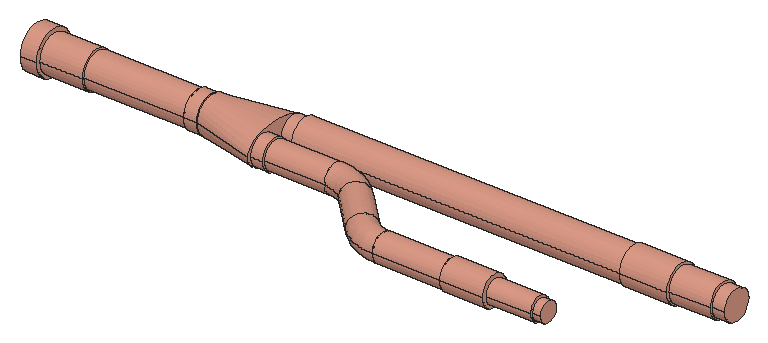
Revit family "outputfile", category 配管付属品, Revit 2024
Family settings
  丸型コネクタ寸法 = 半径を使用
  パーツ タイプ = 標準
  OmniClass 番号 = 23.65.55.00
  OmniClass タイトル = Distribution of Supplied Liquids/Gases
  作業面ベース = いいえ
  常に垂直 = はい
  ロード時にボイドで切り取り = いいえ
  共有 = いいえ
Parameters (values of type "KHRP26A73T + KHRP26M73TP")
  Description = ""
  製造元 = "Daikin"
  書き出し IFC クラス(タイプ) = "IfcPipeFittingType"
  定義済み IFC タイプ(タイプ) = "JUNCTION"
  Cost = 0
  Type Comments = ""
  Keynote = ""
  Type Image = (empty or 0)
  Assembly Code = ""
  mm⇔inch [instance] = yes
  l_dividePipe1 [instance] = size_lookup(table_StraightPipe, "l_dividePipe1", 10.0 mm, モデル)  # 12.0 mm
  Default Elevation = 0.0 mm
  モデル = "KHRP26A73T + KHRP26M73TP"
  table_StraightPipe [instance] = if(mm⇔inch, "Refnet Joint_KHRP26A-T_Gas_StraightPipe", "Refnet Joint_KHRP26A-T_Gas_StraightPipe_inch")  # "Refnet Joint_KHRP26A-T_Gas_StraightPipe"
  table_BranchPipe [instance] = if(mm⇔inch, "Refnet Joint_KHRP26A-T_Gas_BranchPipe", "Refnet Joint_KHRP26A-T_Gas_BranchPipe_inch")  # "Refnet Joint_KHRP26A-T_Gas_BranchPipe"
  table_Inlet [instance] = if(mm⇔inch, "Refnet Joint_KHRP26A-T_Gas_Inlet", "Refnet Joint_KHRP26A-T_Gas_Inlet_inch")  # "Refnet Joint_KHRP26A-T_Gas_Inlet"
  switch_StraightPipe_Reducer [instance] = if(Is_StraightPipe Reducer = 1, 1 = 1, 1 = 0)  # no
  switch_StraightPipe3 [instance] = if(number_StraightPipe = 3, 1 = 1, 1 = 0)  # yes
  switch_StraightPipe2 [instance] = if(number_StraightPipe < 2, 1 = 0, 1 = 1)  # yes
  switch_BranchPipe_Reducer [instance] = if(Is_BranchPipe Reducer = 1, 1 = 1, 1 = 0)  # no
  switch_BranchPipe3 [instance] = if(number_BranchPipe = 3, 1 = 1, 1 = 0)  # yes
  switch_BranchPipe2 [instance] = if(number_BranchPipe < 2, 1 = 0, 1 = 1)  # yes
  switch_Inlet pipe_Reducer [instance] = if(Is_Inlet Reducer = 1, 1 = 1, 1 = 0)  # no
  switch_Inlet pipe3 [instance] = if(number_InletPipe = 3, 1 = 1, 1 = 0)  # no
  switch_Inlet pipe2 [instance] = if(number_InletPipe < 2, 1 = 0, 1 = 1)  # yes
  Uniclass2015Version = "Products v1.31"
  Uniclass2015Title = "Copper pipe fittings"
  Uniclass2015Code = "Pr_65_52_63_18"
  URL = ""
  StraightPipe_Gas_ActualDiameter [instance] = 25.4 mm
  Material_Piping = DAIKIN_Copper_Pipe
  Material_Insulation = DAIKIN_White_Insulation
  lw_Insulation [instance] = size_lookup(table_Inlet, "lw_Insulation", 59.8 mm, モデル)  # 60.5 mm
  Unit Type = "KHRP26A-T_Gas"
  Tag No. [instance] = ""
  StraightPipe_Gas_Status [instance] = size_lookup(table_StraightPipe, "Information", "The connected pipe size is not available.", モデル, StraightPipe_Gas_ActualDiameter)  # "Default connector size is used."
  Link_Nested Family [instance] = ""
  Inlet_Gas_Actual Diameter [instance] = 38.1 mm
  IfcVersion = ""
  IfcExportType = "JUNCTION"
  IfcExportAs = "IfcPipeFittingType"
  BranchPipe_Gas_Status [instance] = size_lookup(table_BranchPipe, "Information", "The connected pipe size is not available.", モデル, BranchPipe_Gas_ActualDiameter)  # "Default connector size is used."
  Inlet_Gas_Status [instance] = size_lookup(table_Inlet, "Information", "The connected pipe size is not available.", モデル, Inlet_Gas_Actual Diameter)  # "Default connector size is used."
  Series = "Refnet Joint"
  O.R_dividePipe_Inlet [instance] = (I.D_InletPipe1 + 2.0 mm) / 2  # 16.9 mm
  r_StraightPipe_Connector [instance] = StraightPipe_Gas_ActualDiameter / 2  # 12.7 mm
  r_BranchPipe_Connector [instance] = BranchPipe_Gas_ActualDiameter / 2  # 7.95 mm
  r_Inlet_Connector [instance] = Inlet_Gas_Actual Diameter / 2  # 19.05 mm
  number_StraightPipe [instance] = size_lookup(table_StraightPipe, "pipeNumber", 2, モデル, StraightPipe_Gas_ActualDiameter)  # 3
  number_BranchPipe [instance] = size_lookup(table_BranchPipe, "pipeNumber", 2, モデル, BranchPipe_Gas_ActualDiameter)  # 3
  number_InletPipe [instance] = size_lookup(table_Inlet, "pipeNumber", 3, モデル, Inlet_Gas_Actual Diameter)  # 2
  r_BranchPipeR [instance] = size_lookup(table_BranchPipe, "r_offsetPipeR", 25.0 mm, モデル, BranchPipe_Gas_ActualDiameter)  # 40.0 mm
  l_BranchPipe_Straight2 [instance] = size_lookup(table_BranchPipe, "L_offsetPipe2", 43.0 mm, モデル)  # 63.0 mm
  l_BranchPipe_Straight1 [instance] = size_lookup(table_BranchPipe, "L_offsetPipe1", 5.0 mm, モデル)  # 56.0 mm
  l_BranchPipe connector [instance] = size_lookup(table_BranchPipe, "Length", 170.0 mm, モデル, BranchPipe_Gas_ActualDiameter)  # 312.0 mm
  l_inlet connector [instance] = size_lookup(table_Inlet, "Length", 130.0 mm, モデル, Inlet_Gas_Actual Diameter)  # 161.0 mm
  l_dividePipe [instance] = size_lookup(table_Inlet, "L_devidePipe", 38.0 mm, モデル)  # 61.0 mm
  l_StraightPipeReducer [instance] = size_lookup(table_StraightPipe, "L_Reducer", 80.0 mm, モデル, StraightPipe_Gas_ActualDiameter)  # 120.0 mm
  l_StraightPipe3 [instance] = size_lookup(table_StraightPipe, "L_Pipe3", 2.0 mm, モデル)  # 12.0 mm
  l_StraightPipe2 [instance] = size_lookup(table_StraightPipe, "L_Pipe2", 8.0 mm, モデル)  # 39.0 mm
  l_StraightPipe1 [instance] = size_lookup(table_StraightPipe, "L_Pipe1", 42.0 mm, モデル)  # 44.0 mm
  l_StraightPipe0 [instance] = size_lookup(table_StraightPipe, "L_Pipe0", 152.0 mm, モデル)  # 305.0 mm
  l_StraightPipe connector [instance] = size_lookup(table_StraightPipe, "Length", 212.0 mm, モデル, StraightPipe_Gas_ActualDiameter)  # 412.0 mm
  l_BranchPipe Reducer [instance] = size_lookup(table_BranchPipe, "L_Reducer", 80.0 mm, モデル, BranchPipe_Gas_ActualDiameter)  # 100.0 mm
  l_BranchPipe3 [instance] = size_lookup(table_BranchPipe, "L_Pipe3", 2.0 mm, モデル)  # 8.0 mm
  l_BranchPipe2 [instance] = size_lookup(table_BranchPipe, "L_Pipe2", 8.0 mm, モデル)  # 42.0 mm
  l_BranchPipe1 [instance] = size_lookup(table_BranchPipe, "L_Pipe1", 42.0 mm, モデル)  # 40.0 mm
  l_BranchPipe0 [instance] = size_lookup(table_BranchPipe, "L_Pipe0", 110.0 mm, モデル)  # 210.0 mm
  l_InletReducer [instance] = size_lookup(table_Inlet, "L_Reducer", 100.0 mm, モデル, Inlet_Gas_Actual Diameter)  # 120.0 mm
  l_InletPipe3 [instance] = size_lookup(table_Inlet, "L_Pipe3", 8.0 mm, モデル)  # 2.0 mm
  l_InletPipe2 [instance] = size_lookup(table_Inlet, "L_Pipe2", 42.0 mm, モデル)  # 15.0 mm
  l_InletPipe1 [instance] = size_lookup(table_Inlet, "L_Pipe1", 40.0 mm, モデル)  # 40.0 mm
  l_InletPipe0 [instance] = size_lookup(table_Inlet, "L_Pipe0", 28.0 mm, モデル)  # 94.0 mm
  center_StraightPipe [instance] = size_lookup(table_StraightPipe, "center_Pipe", 11.5 mm, モデル)  # 17.5 mm
  center_BranchPipe2 [instance] = size_lookup(table_BranchPipe, "center_OffsetPipe", 68.5 mm, モデル)  # 75.5 mm
  center_BranchPipe1 [instance] = size_lookup(table_BranchPipe, "center_Pipe", 11.5 mm, モデル)  # 17.5 mm
  StraightPipe_Gas_AvailableDiameter [instance] = size_lookup(table_StraightPipe, "sizeVariation", "", モデル)  # "25.4/28.6/31.8/34.9/38.1mm"
  BranchPipe_Gas_AvailableDiameter [instance] = size_lookup(table_BranchPipe, "sizeVariation", "", モデル)  # "12.7/15.9/19.1/22.2/25.4/28.6mm"
  Inlet_Gas_Available Diameter [instance] = size_lookup(table_Inlet, "sizeVariation", "", モデル)  # "31.8/34.9/38.1/41.3mm"
  O.D_StraightPipe Reducer [instance] = size_lookup(table_StraightPipe, "O.D_reducer", 2.0 mm, モデル, StraightPipe_Gas_ActualDiameter)  # 2.0 mm
  O.D_Offset Outlet Reducer [instance] = size_lookup(table_BranchPipe, "O.D_reducer", 2.0 mm, モデル, BranchPipe_Gas_ActualDiameter)  # 2.0 mm
  O.D_Inlet Reducer [instance] = size_lookup(table_Inlet, "O.D_reducer", 2.0 mm, モデル, Inlet_Gas_Actual Diameter)  # 2.0 mm
  Is_StraightPipe Reducer [instance] = size_lookup(table_StraightPipe, "IsReducer", 0, モデル, StraightPipe_Gas_ActualDiameter)  # 0
  Is_BranchPipe Reducer [instance] = size_lookup(table_BranchPipe, "IsReducer", 0, モデル, BranchPipe_Gas_ActualDiameter)  # 0
  Is_Inlet Reducer [instance] = size_lookup(table_Inlet, "IsReducer", 0, モデル, Inlet_Gas_Actual Diameter)  # 0
  BranchPipe_Gas_ActualDiameter [instance] = 15.9 mm
  Attach_Insulation [instance] = no
  I.D_StraightPipe3 [instance] = size_lookup(table_StraightPipe, "I.D_PipeSize3", 2.0 mm, モデル)  # 25.4 mm
  I.D_StraightPipe2 [instance] = size_lookup(table_StraightPipe, "I.D_PipeSize2", 12.7 mm, モデル)  # 28.6 mm
  I.D_StraightPipe1 [instance] = size_lookup(table_StraightPipe, "I.D_PipeSize1", 15.9 mm, モデル)  # 31.8 mm
  I.D_StraightPipe0 [instance] = size_lookup(table_StraightPipe, "I.D_PipeSize0", 13.9 mm, モデル)  # 29.8 mm
  I.D_BranchPipe3 [instance] = size_lookup(table_BranchPipe, "I.D_PipeSize3", 2.0 mm, モデル)  # 15.9 mm
  I.D_BranchPipe2 [instance] = size_lookup(table_BranchPipe, "I.D_PipeSize2", 12.7 mm, モデル)  # 19.1 mm
  I.D_BranchPipe1 [instance] = size_lookup(table_BranchPipe, "I.D_PipeSize1", 15.9 mm, モデル)  # 25.4 mm
  I.D_BranchPipe0 [instance] = size_lookup(table_BranchPipe, "I.D_PipeSize0", 13.9 mm, モデル)  # 23.4 mm
  I.D_Straight Reducer [instance] = size_lookup(table_StraightPipe, "I.D_reducer", 2.0 mm, モデル, StraightPipe_Gas_ActualDiameter)  # 2.0 mm
  I.D_OutletPipe [instance] = size_lookup(table_Inlet, "I.D_OutletPipeSize", 16.0 mm, モデル, Inlet_Gas_Actual Diameter)  # 25.5 mm
  I.D_Branch Reducer [instance] = size_lookup(table_BranchPipe, "I.D_reducer", 2.0 mm, モデル, BranchPipe_Gas_ActualDiameter)  # 2.0 mm
  I.D_Inlet Reducer [instance] = size_lookup(table_Inlet, "I.D_reducer", 2.0 mm, モデル, Inlet_Gas_Actual Diameter)  # 2.0 mm
  I.D_InletPipe3 [instance] = size_lookup(table_Inlet, "I.D_PipeSize3", 12.7 mm, モデル)  # 2.0 mm
  I.D_InletPipe2 [instance] = size_lookup(table_Inlet, "I.D_PipeSize2", 15.9 mm, モデル)  # 38.1 mm
  I.D_InletPipe1 [instance] = size_lookup(table_Inlet, "I.D_PipeSize1", 19.1 mm, モデル)  # 31.8 mm
  I.D_InletPipe0 [instance] = size_lookup(table_Inlet, "I.D_PipeSize0", 17.1 mm, モデル)  # 29.8 mm
Reference planes
  plane 1 "Center (Front/Back)": y = 0
  plane 2: z = 0
  plane 3 "base_left": x = 0
  plane 4: x = 2
  plane 5: x = 17
  plane 6: x = 57
  plane 7: x = 151
  plane 8: x = 163
  plane 9: x = 224
  plane 10: x = 236
  plane 11 "center_straight outlet": y = 17.5
  plane 12 "center2_offset outlet": y = -75.5
  plane 13 "center1_offset outlet": y = -17.5
  plane 14: x = 541
  plane 15: x = 585
  plane 16: x = 624
  plane 17: x = 446
  plane 18: x = 486
  plane 19: x = 528
  plane 20: x = 636
  plane 21: x = 536
  plane 22 "Reducer_straightoutlet": x = 536
  plane 23: x = 636
  plane 24: y = -34.4
  plane 25: z = 16.9
  plane 26 "Inlet_connector": x = 2
  plane 27 "Left_Insulation": x = 102.5
Forms (mm)
  SweptBlend 1, solid, material "DAIKIN_Copper_Pipe" <- "Material_Piping"
    path origin (0, 0, 0) x (1, 0, 0) y (0, 1, 0)
      loop
        line (163, 0) -> (224, 0)
    profile origin (163, 0, 0) x (0, 1, 0) y (0, 0, 1)
      loop
        circle (0, 0) r 16.9
    end profile origin (224, 0, 0) x (0, 1, 0) y (0, 0, 1)
      loop
        spline (-34.4, 0) -> (-33.228, -4.374) -> (-29.791, -8.45) -> (-24.324, -11.95) -> (-17.2, -14.636) -> (-8.903, -16.324) -> (0, -16.9) -> (8.903, -16.324) -> (17.2, -14.636) -> (24.324, -11.95) -> (29.791, -8.45) -> (33.228, -4.374) -> (34.4, 0)
        spline (34.4, 0) -> (33.228, 4.374) -> (29.791, 8.45) -> (24.324, 11.95) -> (17.2, 14.636) -> (8.903, 16.324) -> (0, 16.9) -> (-8.903, 16.324) -> (-17.2, 14.636) -> (-24.324, 11.95) -> (-29.791, 8.45) -> (-33.228, 4.374) -> (-34.4, 0)
Dimensions and locks
  "l_InletPipe3": plane 3 "base_left" to plane 4
  "l_InletPipe2": plane 4 to plane 5
  "l_InletPipe1": plane 5 to plane 6
  "l_InletPipe0": plane 6 to plane 7
  locked: plane 7 to plane 8 at 12
  "center_StraightPipe": plane 1 "Center (Front/Back)" to plane 11 "center_straight outlet"
  "center_BranchPipe2": plane 12 "center2_offset outlet" to plane 1 "Center (Front/Back)"
  "center_BranchPipe1": plane 13 "center1_offset outlet" to plane 1 "Center (Front/Back)"
  "l_dividePipe": plane 8 to plane 9
  "l_dividePipe1": plane 9 to plane 10
  "l_StraightPipe0": plane 10 to plane 14
  "l_BranchPipe0": plane 10 to plane 17
  "l_BranchPipe1": plane 17 to plane 18
  "l_BranchPipe2": plane 18 to plane 19
  "l_StraightPipe1": plane 14 to plane 15
  "l_StraightPipe2": plane 15 to plane 16
  "l_StraightPipe3": plane 16 to plane 20
  "l_BranchPipe3": plane 19 to plane 21
  "l_BranchPipe connector": plane 9 to plane 22 "Reducer_straightoutlet"
  "l_StraightPipe connector": plane 9 to plane 23
  "O.R_dividePipe_Inlet": plane 24 to plane 13 "center1_offset outlet"
  "O.R_dividePipe_Inlet": plane 25 to plane 2
  "l_inlet connector": plane 26 "Inlet_connector" to plane 8
  "lw_Insulation": plane 27 "Left_Insulation" to plane 8
  "O.R_dividePipe_Inlet": radius of SweptBlend 1 sketch curve
  aligned and locked: level to plane 2
  aligned and locked: plane 2 to nested 1
  aligned and locked: plane 3 "base_left" to nested 1
  aligned and locked: plane 1 "Center (Front/Back)" to nested 1
  aligned and locked: plane 4 to nested 2
  aligned and locked: plane 1 "Center (Front/Back)" to nested 2
  aligned and locked: plane 5 to nested 2
  aligned and locked: plane 5 to nested 3
  aligned and locked: plane 6 to nested 3
  aligned and locked: plane 6 to nested 4
  aligned and locked: nested 4 to plane 7
  aligned and locked: nested 5 to plane 7
  aligned and locked: nested 5 to plane 8
  aligned and locked: plane 8 to SweptBlend 1 sketch curve
  aligned and locked: plane 9 to SweptBlend 1 sketch curve
  aligned and locked: plane 2 to SweptBlend 1 sketch curve  (x2)
  aligned and locked: plane 1 "Center (Front/Back)" to SweptBlend 1 sketch curve  (x2)
  aligned and locked: nested 6 to plane 9
  aligned and locked: nested 7 to plane 9
  aligned and locked: nested 6 to plane 11 "center_straight outlet"
  aligned and locked: nested 7 to plane 13 "center1_offset outlet"
  aligned and locked: nested 7 to plane 10
  aligned and locked: nested 6 to plane 10
  aligned and locked: nested 8 to plane 10
  aligned and locked: plane 14 to nested 8
  aligned and locked: nested 8 to plane 11 "center_straight outlet"
  aligned and locked: plane 14 to nested 9
  aligned and locked: plane 11 "center_straight outlet" to nested 9
  aligned and locked: plane 15 to nested 9
  aligned and locked: plane 11 "center_straight outlet" to nested 10
  aligned and locked: plane 15 to nested 10
  aligned and locked: plane 16 to nested 10
  aligned and locked: nested 11 to plane 12 "center2_offset outlet"
  aligned and locked: plane 17 to nested 11
  aligned and locked: plane 18 to nested 11
  aligned and locked: nested 12 to plane 12 "center2_offset outlet"
  aligned and locked: plane 18 to nested 12
  aligned and locked: plane 19 to nested 12
  aligned and locked: nested 13 to plane 10
  aligned and locked: nested 13 to plane 13 "center1_offset outlet"
  aligned and locked: nested 13 to plane 12 "center2_offset outlet"
  aligned and locked: plane 8 to nested 14
  aligned and locked: plane 1 "Center (Front/Back)" to nested 14
  aligned and locked: nested 15 to plane 11 "center_straight outlet"
  aligned and locked: nested 15 to plane 9
  aligned and locked: nested 16 to plane 9
  aligned and locked: nested 16 to plane 12 "center2_offset outlet"
  aligned and locked: nested 17 to plane 1 "Center (Front/Back)"
  aligned and locked: plane 16 to nested 18
  aligned and locked: plane 20 to nested 18
  aligned and locked: plane 19 to nested 19
  aligned and locked: plane 21 to nested 19
  aligned and locked: nested 20 to plane 12 "center2_offset outlet"
  aligned and locked: plane 23 to nested 21
  aligned and locked: plane 11 "center_straight outlet" to nested 21
  aligned and locked: plane 4 to nested 1
  aligned and locked: plane 24 to SweptBlend 1 sketch curve
  aligned and locked: plane 25 to SweptBlend 1 sketch curve
  aligned and locked: plane 12 "center2_offset outlet" to nested 19
  aligned and locked: plane 11 "center_straight outlet" to nested 18
  aligned and locked: nested 17 to plane 26 "Inlet_connector"
  aligned and locked: plane 22 "Reducer_straightoutlet" to nested 20
  aligned and locked: nested 22 to plane 27 "Left_Insulation"
  aligned and locked: plane 1 "Center (Front/Back)" to nested 22
Automatic sketch dimensions
  plane 1 "Center (Front/Back)" to SweptBlend 1 sketch curve = 0.0 mm
Nested families
  nested 1: "daikin_Pipe" at (1, 0, 0), I.D_Pipe <- "I.D_InletPipe3", display <- "switch_Inlet pipe3", type "*"
    with length_Pipe 2.0 mm, display no, O.D_Pipe 4.0 mm, I.D_Pipe 2.0 mm
  nested 2: "daikin_Pipe" at (9.5, 0, 0), I.D_Pipe <- "I.D_InletPipe2", display <- "switch_Inlet pipe2", type "*"
    with length_Pipe 15.0 mm, display yes, O.D_Pipe 40.1 mm, I.D_Pipe 38.1 mm
  nested 3: "daikin_Pipe" at (37, 0, 0), I.D_Pipe <- "I.D_InletPipe1", type "*"
    with length_Pipe 40.0 mm, display yes, O.D_Pipe 33.8 mm, I.D_Pipe 31.8 mm
  nested 4: "daikin_Pipe" at (104, 0, 0), I.D_Pipe <- "I.D_InletPipe0", type "*"
    with length_Pipe 94.0 mm, display yes, O.D_Pipe 31.8 mm, I.D_Pipe 29.8 mm
  nested 5: "daikin_Pipe" at (157, 0, 0), I.D_Pipe <- "I.D_InletPipe1", type "*"
    with length_Pipe 12.0 mm, display yes, O.D_Pipe 33.8 mm, I.D_Pipe 31.8 mm
  nested 6: "daikin_Pipe" at (230, 17.5, 0), I.D_Pipe <- "I.D_OutletPipe", type "*"
    with length_Pipe 12.0 mm, display yes, O.D_Pipe 27.5 mm, I.D_Pipe 25.5 mm
  nested 7: "daikin_Pipe" at (230, -17.5, 0), I.D_Pipe <- "I.D_OutletPipe", type "*"
    with length_Pipe 12.0 mm, display yes, O.D_Pipe 27.5 mm, I.D_Pipe 25.5 mm
  nested 8: "daikin_Pipe" at (388.5, 17.5, 0), I.D_Pipe <- "I.D_StraightPipe0", type "*"
    with length_Pipe 305.0 mm, display yes, O.D_Pipe 31.8 mm, I.D_Pipe 29.8 mm
  nested 9: "daikin_Pipe" at (563, 17.5, 0), I.D_Pipe <- "I.D_StraightPipe1", type "*"
    with length_Pipe 44.0 mm, display yes, O.D_Pipe 33.8 mm, I.D_Pipe 31.8 mm
  nested 10: "daikin_Pipe" at (604.5, 17.5, 0), I.D_Pipe <- "I.D_StraightPipe2", display <- "switch_StraightPipe2", type "*"
    with length_Pipe 39.0 mm, display yes, O.D_Pipe 30.6 mm, I.D_Pipe 28.6 mm
  nested 11: "daikin_Pipe" at (466, -75.5, 0), I.D_Pipe <- "I.D_BranchPipe1", type "*"
    with length_Pipe 40.0 mm, display yes, O.D_Pipe 27.4 mm, I.D_Pipe 25.4 mm
  nested 12: "daikin_Pipe" at (507, -75.5, 0), I.D_Pipe <- "I.D_BranchPipe2", display <- "switch_BranchPipe2", type "*"
    with length_Pipe 42.0 mm, display yes, O.D_Pipe 21.1 mm, I.D_Pipe 19.1 mm
  nested 13: "daikin_Pipe Ofsset" at (236, -17.5, 0), I.D_Pipe size <- "I.D_BranchPipe0", length_straight pipe1 <- "l_BranchPipe_Straight1", length_straight pipe2 <- "l_BranchPipe_Straight2", r_Pipe R <- "r_BranchPipeR", length_Pipe <- "l_BranchPipe0", type "*"
    with r_Pipe R 40.0 mm, length_straight pipe2 63.0 mm, length_straight pipe1 56.0 mm, length_offset center 58.0 mm, length_Pipe 210.0 mm, O.D_Pipe size 25.4 mm, I.D_Pipe size 23.4 mm
  nested 14: "daikin_connector_rotate2" at (163, 0, 0) x (0, -1, 0) z (0, 0, 1), length <- "l_inlet connector", type "daikin_connector_rotate2"
    with radius 5.0 mm, length 161.0 mm, angle_vertical 90.00°, locaton_mark no
  nested 15: "daikin_connector_rotate2" at (224, 17.5, 0) x (0, 1, 0) z (0, 0, 1), length <- "l_StraightPipe connector", type "daikin_connector_rotate2"
    with radius 5.0 mm, length 412.0 mm, angle_vertical 90.00°, locaton_mark no
  nested 16: "daikin_connector_rotate2" at (224, -75.5, 0) x (0, 1, 0) z (0, 0, 1), length <- "l_BranchPipe connector", type "daikin_connector_rotate2"
    with radius 5.0 mm, length 312.0 mm, angle_vertical 90.00°, locaton_mark no
  nested 17: "daikin_Pipe_reducer" at (62, 0, 0) x (-1, 0, 0) z (0, 0, 1), display <- "switch_Inlet pipe_Reducer", length_Pipe <- "l_InletReducer", I.D_Pipe1 <- "I.D_Inlet Reducer", O.D_Pipe2 <- "O.D_Inlet Reducer", type "*"
    with length_Pipe 120.0 mm, display no, O.D_Pipe2 2.0 mm, O.D_Pipe1 4.0 mm, I.D_Pipe2 0.0 mm, I.D_Pipe1 2.0 mm
  nested 18: "daikin_Pipe" at (630, 17.5, 0), I.D_Pipe <- "I.D_StraightPipe3", display <- "switch_StraightPipe3", type "*"
    with length_Pipe 12.0 mm, display yes, O.D_Pipe 27.4 mm, I.D_Pipe 25.4 mm
  nested 19: "daikin_Pipe" at (532, -75.5, 0), I.D_Pipe <- "I.D_BranchPipe3", display <- "switch_BranchPipe3", type "*"
    with length_Pipe 8.0 mm, display yes, O.D_Pipe 17.9 mm, I.D_Pipe 15.9 mm
  nested 20: "daikin_Pipe_reducer" at (486, -75.5, 0), I.D_Pipe1 <- "I.D_Branch Reducer", O.D_Pipe2 <- "O.D_Offset Outlet Reducer", length_Pipe <- "l_BranchPipe Reducer", display <- "switch_BranchPipe_Reducer", type "*"
    with length_Pipe 100.0 mm, display no, O.D_Pipe2 2.0 mm, O.D_Pipe1 4.0 mm, I.D_Pipe2 0.0 mm, I.D_Pipe1 2.0 mm
  nested 21: "daikin_Pipe_reducer" at (576, 17.5, 0), I.D_Pipe1 <- "I.D_Straight Reducer", O.D_Pipe2 <- "O.D_StraightPipe Reducer", length_Pipe <- "l_StraightPipeReducer", display <- "switch_StraightPipe_Reducer", type "*"
    with length_Pipe 120.0 mm, display no, O.D_Pipe2 2.0 mm, O.D_Pipe1 4.0 mm, I.D_Pipe2 0.0 mm, I.D_Pipe1 2.0 mm
  nested 22: "daikin_Insulation_RefnetJoint" at (102.5, 0, 0), I.D_Outlet PipeSize <- "I.D_OutletPipe", type "*"
    with h 57.5 mm, I.D_Outlet PipeSize 25.5 mm, r_Insulation 14.0 mm, h_Insulation 297.0 mm, d_Insulation3_3 82.0 mm, d_Insulation2_2 50.5 mm, d_Insulation1_1 32.0 mm, w_Insulation5 310.0 mm, w_Insulation4 60.0 mm, w_Insulation3 109.0 mm, w_Insulation2 90.0 mm, w_Insulation1 30.0 mm, display no, d_Insulation3 74.0 mm, d_Insulation2 54.5 mm, d_Insulation1 36.0 mm
Connectors
  piping at (2, 0, 0), diameter 38.1, driven by "r_Inlet_Connector"
    settings: on nested 14, index 1, connector inside diameter 609.6 mm, connector length 0.0 mm, flow factor 0, pipe flow 0.00 m³/h, pressure drop 0.0 Pa, fitting loss kfactor 0, connector angle 0.00°, fixture units 0, engagement length 0.0 mm, angle of deflection 0.00°, flow configuration 0, flow direction 2, fitting loss method 0, system type 29, joint type 0, gender type 0, connector reference index -1, connector utility 0, adjustable connector no, is connector primary yes, connector description "Refnet Joint_Inlet_Gas"
  piping at (536, -75.5, 0), diameter 15.9, driven by "r_BranchPipe_Connector"
    settings: on nested 16, index 2, connector inside diameter 609.6 mm, connector length 0.0 mm, flow factor 0, pipe flow 0.00 m³/h, pressure drop 0.0 Pa, fitting loss kfactor 0, connector angle 0.00°, fixture units 0, engagement length 0.0 mm, angle of deflection 0.00°, flow configuration 0, flow direction 1, fitting loss method 0, system type 29, joint type 0, gender type 0, connector reference index -1, connector utility 0, adjustable connector no, is connector primary no, connector description "Refnet Joint_Outlet Branch_Gas"
  piping at (636, 17.5, 0), diameter 25.4, driven by "r_StraightPipe_Connector"
    settings: on nested 15, index 3, connector inside diameter 609.6 mm, connector length 0.0 mm, flow factor 0, pipe flow 0.00 m³/h, pressure drop 0.0 Pa, fitting loss kfactor 0, connector angle 0.00°, fixture units 0, engagement length 0.0 mm, angle of deflection 0.00°, flow configuration 0, flow direction 1, fitting loss method 0, system type 29, joint type 0, gender type 0, connector reference index -1, connector utility 0, adjustable connector no, is connector primary no, connector description "Refnet Joint_Outlet Straight_Gas"
Definition of nested family "daikin_Pipe"
  Parameters (values of type "*")
    Default Elevation = 0.0 mm
    material = none
    length_Pipe [instance] = 150.0 mm
    display [instance] = yes
    O.D_Pipe [instance] = I.D_Pipe + 2.0 mm  # 27.0 mm
    I.D_Pipe [instance] = 25.0 mm
  Reference planes
    plane 1 "Center (Front/Back)": y = 0
    plane 2 "center(vertical)": z = 0
    plane 3 "Center (Left/Right)": x = 0
    plane 4 "left": x = -75
    plane 5 "right": x = 75
  Forms (mm)
    Extrusion 1, solid, material <- "material", visible <- "display"
      sketch origin (0, 0, 0) x (0, 1, 0) y (0, 0, 1)
        loop
          circle (0, 0) r 13.5
      from -75 to 75
  Dimensions and locks
    equal spacing: plane 4 "left", plane 3 "Center (Left/Right)", plane 5 "right"
    "length_Pipe": plane 4 "left" to plane 5 "right"
    "O.D_Pipe": diameter of Extrusion 1 sketch curve
    aligned and locked: level to plane 2 "center(vertical)"
    aligned and locked: plane 2 "center(vertical)" to Extrusion 1 sketch curve
    aligned and locked: plane 1 "Center (Front/Back)" to Extrusion 1 sketch curve
    aligned and locked: plane 5 "right" to Extrusion 1
    aligned and locked: Extrusion 1 to plane 4 "left"
Definition of nested family "daikin_Pipe Ofsset"
  Parameters (values of type "*")
    Default Elevation = 0.0 mm
    r_Pipe R [instance] = 40.0 mm
    material = none
    length_straight pipe2 [instance] = 43.0 mm
    length_straight pipe1 [instance] = 5.0 mm
    length_offset center [instance] = 57.0 mm
    length_Pipe [instance] = 110.0 mm
    O.D_Pipe size [instance] = I.D_Pipe size + 2.0 mm  # 12.0 mm
    I.D_Pipe size [instance] = 10.0 mm
  Reference planes
    plane 1 "Center (Front/Back)": y = 0
    plane 2: z = 0
    plane 3 "Center (Left/Right)": x = 0
    plane 4: y = -57
    plane 5: x = 110
    plane 6: x = 67
    plane 7: x = 5
  Forms (mm)
    Sweep 1, solid, material <- "material"
      path origin (0, 0, 0) x (1, 0, 0) y (0, 1, 0)
        loop
          line (0, 0) -> (5, 0)
          arc (5, 0) -> (20.74, -3.227) -> (33.94, -12.387) r 40
          line (33.94, -12.387) -> (38.06, -44.613)
          arc (38.06, -44.613) -> (51.26, -53.773) -> (67, -57) r 40
          line (67, -57) -> (110, -57)
      profile origin (2.5, 0, 0) x (0, 1, 0) y (0, 0, 1)
        loop
          circle (0, 0) r 6
  Dimensions and locks
    "length_offset center": plane 4 to plane 1 "Center (Front/Back)"
    "length_straight pipe1": plane 3 "Center (Left/Right)" to plane 7
    "length_Pipe": plane 3 "Center (Left/Right)" to plane 5
    "length_straight pipe2": plane 6 to plane 5
    "O.D_Pipe size": diameter of Sweep 1 sketch curve
    "r_Pipe R": radius of Sweep 1 sketch curve  (x2)
    aligned and locked: level to plane 2
    aligned and locked: plane 1 "Center (Front/Back)" to Sweep 1 sketch curve
    aligned and locked: profile plane to Sweep 1 sketch curve
    aligned and locked: plane 5 to Sweep 1 sketch curve
    aligned and locked: plane 7 to Sweep 1 sketch curve
    aligned and locked: plane 6 to Sweep 1 sketch curve
  Automatic sketch dimensions
    plane 1 "Center (Front/Back)" to Sweep 1 sketch curve = 0.0 mm
    Sweep 1 sketch curve to plane 3 "Center (Left/Right)" = 0.0 mm
    plane 4 to Sweep 1 sketch curve = 0.0 mm
    plane 1 "Center (Front/Back)" to Sweep 1 sketch curve = 12.387 mm
    Sweep 1 sketch curve to plane 4 = 12.387 mm
Definition of nested family "daikin_connector_rotate2"
  Parameters (values of type "daikin_connector_rotate2")
    show_face = no
    radius [instance] = 10.0 mm
    locaton_mark = yes
    length [instance] = 600.0 mm
    d_surface = 10.0 mm
    angle_vertical [instance] = 90.00°
    Default Elevation = 0.0 mm
  Reference planes
    plane 1 "Center (Front/Back)": y = 0
    plane 2: z = 0
    plane 3 "Center (Left/Right)": x = 0
  Forms (mm)
    Extrusion 1, solid, visible <- "show_face"
      sketch origin (0, -600, 0) x (1, 0, 0) y (0, 0, 1)
        loop
          circle (0, 0) r 10
      from 0 to -10
  Lines and regions (mm)
    reference lines
      curve 1: line (0, 0, 0) -> (0, -600, 0)
    symbolic lines, visible <- "locaton_mark"
      curve 2: circle (0, 0, 0) r 5 normal (0, 0, 1)
    model lines, visible <- "show_face"
      curve 3: line (0, 0, 0) -> (0, -600, 0)
  Dimensions and locks
    "length": curve 1 to curve 1
    "length": curve 3 to curve 3
    "d_surface": Extrusion 1 to Extrusion 1
    "radius": radius of Extrusion 1 sketch curve
    "angle_vertical": angle curve 1 to plane 1 "Center (Front/Back)"
    "angle_vertical": angle curve 3 to plane 1 "Center (Front/Back)"
    aligned and locked: level to plane 2
    aligned and locked: plane 1 "Center (Front/Back)" to curve 1
    aligned and locked: plane 2 to curve 1
    aligned and locked: plane 1 "Center (Front/Back)" to curve 2
    aligned and locked: plane 3 "Center (Left/Right)" to curve 2
    aligned and locked: plane 1 "Center (Front/Back)" to curve 3
    aligned and locked: plane 2 to curve 3
    aligned and locked: Extrusion 1 to Extrusion 1
  Automatic sketch dimensions
    Extrusion 1 sketch curve to level = 0.0 mm
    Extrusion 1 sketch curve to plane 3 "Center (Left/Right)" = 0.0 mm
    radius of curve 2 = 5.0 mm
Definition of nested family "daikin_Pipe_reducer"
  Parameters (values of type "*")
    Default Elevation = 0.0 mm
    material = none
    length_Pipe [instance] = 250.0 mm
    display [instance] = yes
    O.D_Pipe2 [instance] = 19.1 mm
    O.D_Pipe1 [instance] = I.D_Pipe1 + 2.0 mm  # 24.2 mm
    I.D_Pipe2 [instance] = O.D_Pipe2 - 2.0 mm  # 17.1 mm
    I.D_Pipe1 [instance] = 22.2 mm
  Reference planes
    plane 1 "Center (Front/Back)": y = 0
    plane 2 "center(vertical)": z = 0
    plane 3 "Center (Left/Right)": x = 0
    plane 4 "connection": x = -125
    plane 5 "right": x = 113
    plane 6: x = 125
  Forms (mm)
    Extrusion 1, solid, material <- "material", visible <- "display"
      sketch origin (0, 0, 0) x (0, 1, 0) y (0, 0, 1)
        loop
          circle (0, 0) r 9.55
      from -125 to 113
    Extrusion 2, solid, material <- "material", visible <- "display"
      sketch origin (0, 0, 0) x (0, 1, 0) y (0, 0, 1)
        loop
          circle (0, 0) r 12.1
      from 113 to 125
  Dimensions and locks
    locked: plane 5 "right" to plane 6 at 12
    "length_Pipe": plane 4 "connection" to plane 6
    equal spacing: plane 4 "connection", plane 3 "Center (Left/Right)", plane 6
    "O.D_Pipe2": diameter of Extrusion 1 sketch curve
    "O.D_Pipe1": diameter of Extrusion 2 sketch curve
    aligned and locked: level to plane 2 "center(vertical)"
    aligned and locked: plane 2 "center(vertical)" to Extrusion 1 sketch curve
    aligned and locked: plane 1 "Center (Front/Back)" to Extrusion 1 sketch curve
    aligned and locked: plane 5 "right" to Extrusion 1
    aligned and locked: Extrusion 1 to plane 4 "connection"
    aligned and locked: plane 2 "center(vertical)" to Extrusion 2 sketch curve
    aligned and locked: plane 1 "Center (Front/Back)" to Extrusion 2 sketch curve
    aligned and locked: Extrusion 2 to plane 5 "right"
    aligned and locked: plane 6 to Extrusion 2
Definition of nested family "daikin_Insulation_RefnetJoint"
  Parameters (values of type "*")
    r_Insulation = size_lookup(table_Insulation, "r_Insulation", 13.5 mm, Model)  # 13.5 mm
    h_Insulation = size_lookup(table_Insulation, "h_Insulation", 202.5 mm, Model)  # 202.5 mm
    d_Insulation3_3 = size_lookup(table_Insulation, "d_Insulation3_3", 68.0 mm, Model)  # 68.0 mm
    d_Insulation2_2 = size_lookup(table_Insulation, "d_Insulation2_2", 38.0 mm, Model)  # 38.0 mm
    d_Insulation1_1 = size_lookup(table_Insulation, "d_Insulation1_1", 26.5 mm, Model)  # 26.5 mm
    Default Elevation = 0.0 mm
    Model = "KHRP26A22T"
    w_Insulation5 = size_lookup(table_Insulation, "w_Insulation5", 212.0 mm, Model)  # 212.0 mm
    w_Insulation4 = size_lookup(table_Insulation, "w_Insulation4", 67.0 mm, Model)  # 67.0 mm
    w_Insulation3 = size_lookup(table_Insulation, "w_Insulation3", 34.7 mm, Model)  # 34.7 mm
    w_Insulation2 = size_lookup(table_Insulation, "w_Insulation2", 80.0 mm, Model)  # 80.0 mm
    w_Insulation1 = size_lookup(table_Insulation, "w_Insulation1", 22.0 mm, Model)  # 22.0 mm
    table_Insulation = "Refnet Joint_KHRP26A-T_Gas_Insulation"  # constant formula
    material = none
    h [instance] = (I.D_Outlet PipeSize + 2.0 mm) + 30.0 mm  # 47.0 mm
    display = yes
    d_Insulation3 = size_lookup(table_Insulation, "d_Insulation3", 63.5 mm, Model)  # 63.5 mm
    d_Insulation2 = size_lookup(table_Insulation, "d_Insulation2", 41.0 mm, Model)  # 41.0 mm
    d_Insulation1 = size_lookup(table_Insulation, "d_Insulation1", 29.5 mm, Model)  # 29.5 mm
    I.D_Outlet PipeSize [instance] = 15.0 mm
  Reference planes
    plane 1 "Center (Front/Back)": y = 0
    plane 2: z = 0
    plane 3 "Left": x = 0
    plane 4 "top": z = 23.5
    plane 5 "bottom": z = -23.5
    plane 6: x = 22
    plane 7: x = 80
    plane 8: y = 26.5
    plane 9: y = -29.5
    plane 10: y = 38
    plane 11: y = -41
    plane 12: y = -93.5
    plane 13: x = 212
    plane 14: y = -30
    plane 15: x = 114.7
    plane 16: x = 145
    plane 17: x = 202.5
  Forms (mm)
    Extrusion 1, solid, material <- "material", visible <- "display"
      sketch origin (0, 0, 0) x (1, 0, 0) y (0, 1, 0)
        loop
          line (22, 26.5) -> (0, 26.5) -> (0, -29.5) -> (22, -29.5) -> (80, -41) -> (114.7, -41) -> (145, -93.5) -> (212, -93.5) -> (212, -43.5) -> (202.5, -43.5)
          arc (202.5, -43.5) -> (189, -30) -> (202.5, -16.5) r 13.5
          line (202.5, -16.5) -> (212, -16.5) -> (212, 38) -> (80, 38) -> (22, 26.5)
      from -23.5 to 23.5
  Dimensions and locks
    equal spacing: plane 4 "top", plane 2, plane 5 "bottom"
    "h": plane 4 "top" to plane 5 "bottom"
    "w_Insulation1": plane 3 "Left" to plane 6
    "w_Insulation2": plane 3 "Left" to plane 7
    "w_Insulation5": plane 3 "Left" to plane 13
    "w_Insulation3": plane 7 to plane 15
    "w_Insulation4": plane 16 to plane 13
    "d_Insulation1": plane 1 "Center (Front/Back)" to plane 9
    "d_Insulation1_1": plane 8 to plane 1 "Center (Front/Back)"
    "d_Insulation2": plane 1 "Center (Front/Back)" to plane 11
    "d_Insulation2_2": plane 10 to plane 1 "Center (Front/Back)"
    "d_Insulation3_3": plane 10 to plane 14
    "d_Insulation3": plane 14 to plane 12
    "r_Insulation": Extrusion 1 sketch curve to plane 14
    "r_Insulation": plane 14 to Extrusion 1 sketch curve
    "h_Insulation": plane 3 "Left" to plane 17
    "r_Insulation": radius of Extrusion 1 sketch curve
    aligned and locked: level to plane 2
    aligned and locked: Extrusion 1 to plane 5 "bottom"
    aligned and locked: plane 4 "top" to Extrusion 1
    aligned and locked: plane 6 to Extrusion 1  (x2)
    aligned and locked: plane 7 to Extrusion 1  (x2)
    aligned and locked: plane 6 to Extrusion 1 sketch curve
    aligned and locked: plane 11 to Extrusion 1 sketch curve
    aligned and locked: plane 7 to Extrusion 1 sketch curve  (x2)
    aligned and locked: plane 10 to Extrusion 1 sketch curve
    aligned and locked: Extrusion 1 sketch curve to plane 12
    aligned and locked: Extrusion 1 sketch curve to plane 13  (x2)
    aligned and locked: plane 16 to Extrusion 1 sketch curve
    aligned and locked: plane 15 to Extrusion 1 sketch curve
    aligned and locked: plane 17 to Extrusion 1 sketch curve
  Automatic sketch dimensions
    Extrusion 1 sketch curve to plane 3 "Left" = 0.0 mm
    Extrusion 1 sketch curve to plane 6 = 0.0 mm
    Extrusion 1 sketch curve to plane 9 = 0.0 mm
    Extrusion 1 sketch curve to plane 8 = 0.0 mm
